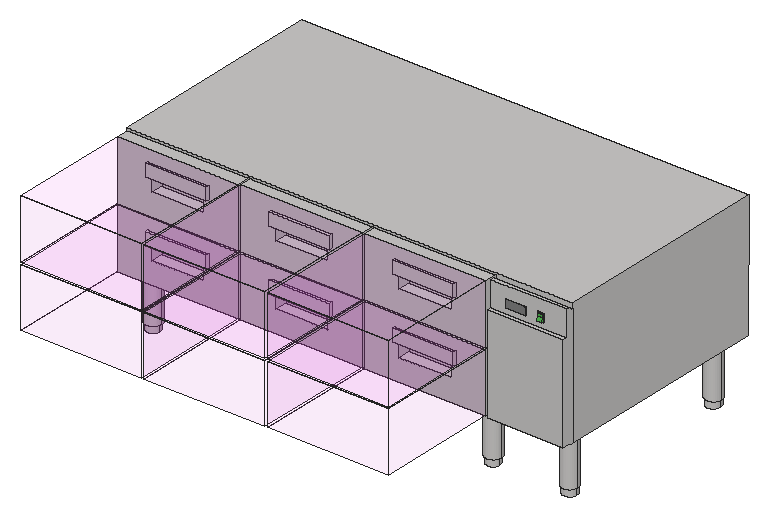
Revit family "QF_ZANUSSI_392600_Z9TTBECOMKN", category Specialty Equipment, Revit 2021
Family settings
  Round Connector Dimension = Use Diameter
  Part Type = Normal
  Work Plane-Based = No
  Always vertical = Yes
  Cut with Voids When Loaded = No
  Shared = No
  Room Calculation Point = No
Parameters
  Weight = 110.00 kg
  Watts = 0 W
  Volts = 220 V
  URL Manufacturer = "http://www.zanussiprofessional.com"
  URL = "http://www.zanussiprofessional.com"
  Steam Supply Size = 0 mm
  Steam Supply Minimum Pressure = 0.0 Pa
  Steam Supply Maximum Pressure = 0.0 Pa
  Steam Pounds per Hour = 0
  Refrigeration Suction Line Size = 0 mm
  Refrigeration Liquid Line Size = 0 mm
  Refrigerant Compressor Remote = yes
  Manufacturer = "Zanussi"
  Phase = 1
  Model = "Z9TTBECOMKN"
  Length Actual = 1600 mm
  Item Number = "392600"
  Hot Water Size = 0 mm
  Height Actual = 600 mm
  HP = "0.6 HP"
  Gas Size = 0 mm
  Gas KW = 0
  Gas Input Pressure = 0 W
  Direct Waste Size = 0 mm
  Description = "REFRIGERATED BASE WITH 6 DRAWERS 1600MM - R290"
  Depth Actual = 830 mm
  Default Elevation = 0 mm
  Cycle = 50 Hz
  Condensate Return Size = 0 mm
  Compressed Air Volume = 0.0 L/s
  Compressed Air Size = 0 mm
  Compressed Air Pressure = 0.0 Pa
  Cold Water Size = 0 mm
  Accessory = no
Reference planes
  plane 1 "Center X": y = 0
  plane 2: z = 0
  plane 3 "Centro (Sinistra/Destra)": x = 0
  plane 4: z = 200
  plane 5 "TOP": z = 650
  plane 6 "BACK": y = 450
  plane 7 "FRONT": y = -450
  plane 8 "LEFT": x = -800
  plane 9 "RIGHT": x = 800
  plane 10: y = -403
  plane 11: y = -448
  plane 12: x = -745
  plane 13: x = 745
  plane 14: x = 471
  plane 15: y = 292
  plane 16: y = -350
  plane 17: x = 286
  plane 18: x = -799
  plane 19: x = 799
  plane 20: y = 290
  plane 21: x = 760
  plane 22: y = 380
Forms (mm)
  Extrusion 1, solid, material "QF_Finishes_Stainless Steel"
    sketch origin (0, 0, 650) x (-1, 0, 0) y (0, -1, 0)
      loop
        line (799, -380) -> (799, 403) -> (-799, 403) -> (-799, -380) -> (799, -380)
    from -450 to 0
  Extrusion 2, solid, material "QF_Finishes_Stainless Steel"
    sketch origin (0, -30, 0) x (1, 0, 0) y (0, 1, 0)
      loop
        circle (760, 290) r 6
    from 189.987 to 200
  Extrusion 3, solid, material "QF_Finishes_Stainless Steel"
    sketch origin (799, -33.449, 0) x (0, 1, 0) y (0, 0, 1)
      loop
        line (-369.551, 629.527) -> (-386.314, 640.994) -> (-397.65, 640.994) -> (-397.65, 549.796) -> (-414.551, 549.796) -> (-414.551, 204.796) -> (-384.714, 204.796) -> (-374.993, 200) -> (-369.551, 200) -> (-369.551, 629.527)
    from 0 to -271
  Extrusion 4, solid, material "QF_Finishes_Black"
    sketch origin (783, -431.099, 630.994) x (0, 0, -1) y (1, 0, 0)
      loop
        line (32.198, -86.899) -> (61.199, -86.899) -> (61.199, -64.9) -> (32.198, -64.9) -> (32.198, -86.899)
    from 0 to 1.6
  Extrusion 5, solid, material "QF_Finishes_Grey"
    sketch origin (789, -431.099, 630.994) x (0, 0, -1) y (1, 0, 0)
      loop
        line (32.198, -206.099) -> (61.199, -206.099) -> (61.199, -136.099) -> (32.198, -136.099) -> (32.198, -206.099)
    from 0 to 1.6
  Extrusion 6, solid, material "QF_Finishes_Green"
    sketch origin (718.1, -431.099, 598.796) x (0, 0, -1) y (0, 1, 0)
      loop
        line (2.279, -3.281) -> (14.5, -3.281) -> (25.308, -8.985)
        arc (25.308, -8.985) -> (26.537, -5.394) -> (26.605, -1.6) r 12.221
        line (26.605, -1.6) -> (2.395, -1.6)
        arc (2.395, -1.6) -> (2.308, -2.439) -> (2.279, -3.281) r 12.221
    from -20 to -2
  Extrusion 7, solid, material "QF_Finishes_Stainless Steel"
    sketch origin (200, -442.999, 0) x (-1, 0, 0) y (0, 0, 1)
      loop
        line (995, 427.5) -> (995, 640.994) -> (560.999, 640.994) -> (560.999, 427.5) -> (995, 427.5)
      loop
        line (871.3, 506.706) -> (871.3, 585) -> (684.699, 585) -> (684.699, 506.706) -> (871.3, 506.706)
    from -5.001 to 39.999
  Extrusion 8, solid, material "QF_Door-Drawer Clearances"
    sketch origin (200, -448, 0) x (1, 0, 0) y (0, 0, 1)
      loop
        line (-995, 640.994) -> (-995, 427.5) -> (-560.999, 427.5) -> (-560.999, 640.994) -> (-995, 640.994)
    from 0 to 434
  Extrusion 9, solid, material "QF_Finishes_Stainless Steel"
    sketch origin (204, -448, 0) x (1, 0, 0) y (0, 0, 1)
      loop
        line (-890.3, 598.969) -> (-890.3, 553.969) -> (-673.699, 553.969) -> (-673.699, 598.969) -> (-890.3, 598.969)
    from 0 to 10
  Extrusion 10, solid, material "QF_Finishes_Stainless Steel"
    sketch origin (644.031, -442.999, 0) x (-1, 0, 0) y (0, 0, 1)
      loop
        line (997, 427.5) -> (997, 640.994) -> (563, 640.994) -> (563, 427.5) -> (997, 427.5)
      loop
        line (873.3, 506.706) -> (873.3, 585) -> (686.699, 585) -> (686.699, 506.706) -> (873.3, 506.706)
    from -5.001 to 39.999
  Extrusion 11, solid, material "QF_Door-Drawer Clearances"
    sketch origin (644.031, -448, 0) x (1, 0, 0) y (0, 0, 1)
      loop
        line (-997, 640.994) -> (-997, 427.5) -> (-563, 427.5) -> (-563, 640.994) -> (-997, 640.994)
    from 0 to 434
  Extrusion 12, solid, material "QF_Finishes_Stainless Steel"
    sketch origin (647.732, -448, 0) x (1, 0, 0) y (0, 0, 1)
      loop
        line (-892.001, 598.969) -> (-892.001, 553.969) -> (-675.4, 553.969) -> (-675.4, 598.969) -> (-892.001, 598.969)
    from 0 to 10
  Extrusion 13, solid, material "QF_Finishes_Stainless Steel"
    sketch origin (1076.461, -442.999, 0) x (-1, 0, 0) y (0, 0, 1)
      loop
        line (553.461, 427.5) -> (987.5, 427.5) -> (987.5, 640.994) -> (553.461, 640.994) -> (553.461, 427.5)
      loop
        line (863.8, 506.706) -> (863.8, 585) -> (677.199, 585) -> (677.199, 506.706) -> (863.8, 506.706)
    from -5.001 to 39.999
  Extrusion 14, solid, material "QF_Door-Drawer Clearances"
    sketch origin (1076.461, -448, 0) x (1, 0, 0) y (0, 0, 1)
      loop
        line (-553.461, 640.994) -> (-987.5, 640.994) -> (-987.5, 427.5) -> (-553.461, 427.5) -> (-553.461, 640.994)
    from 0 to 434
  Extrusion 15, solid, material "QF_Finishes_Stainless Steel"
    sketch origin (1076.461, -448, 0) x (1, 0, 0) y (0, 0, 1)
      loop
        line (-878.8, 598.969) -> (-878.8, 553.969) -> (-662.199, 553.969) -> (-662.199, 598.969) -> (-878.8, 598.969)
    from 0 to 10
  Extrusion 16, solid, material "QF_Finishes_Stainless Steel"
    sketch origin (200, -442.999, -218.494) x (-1, 0, 0) y (0, 0, 1)
      loop
        line (995, 427.5) -> (995, 640.994) -> (560.999, 640.994) -> (560.999, 427.5) -> (995, 427.5)
      loop
        line (871.3, 506.706) -> (871.3, 585) -> (684.699, 585) -> (684.699, 506.706) -> (871.3, 506.706)
    from -5.001 to 39.999
  Extrusion 17, solid, material "QF_Door-Drawer Clearances"
    sketch origin (200, -448, -218.494) x (1, 0, 0) y (0, 0, 1)
      loop
        line (-995, 640.994) -> (-995, 427.5) -> (-560.999, 427.5) -> (-560.999, 640.994) -> (-995, 640.994)
    from 0 to 434
  Extrusion 18, solid, material "QF_Finishes_Stainless Steel"
    sketch origin (204, -448, -218.494) x (1, 0, 0) y (0, 0, 1)
      loop
        line (-890.3, 598.969) -> (-890.3, 553.969) -> (-673.699, 553.969) -> (-673.699, 598.969) -> (-890.3, 598.969)
    from 0 to 10
  Extrusion 19, solid, material "QF_Finishes_Stainless Steel"
    sketch origin (644.031, -442.999, -218.494) x (-1, 0, 0) y (0, 0, 1)
      loop
        line (997, 427.5) -> (997, 640.994) -> (563, 640.994) -> (563, 427.5) -> (997, 427.5)
      loop
        line (873.3, 506.706) -> (873.3, 585) -> (686.699, 585) -> (686.699, 506.706) -> (873.3, 506.706)
    from -5.001 to 39.999
  Extrusion 20, solid, material "QF_Door-Drawer Clearances"
    sketch origin (644.031, -448, -218.494) x (1, 0, 0) y (0, 0, 1)
      loop
        line (-997, 640.994) -> (-997, 427.5) -> (-563, 427.5) -> (-563, 640.994) -> (-997, 640.994)
    from 0 to 434
  Extrusion 21, solid, material "QF_Finishes_Stainless Steel"
    sketch origin (647.732, -448, -218.494) x (1, 0, 0) y (0, 0, 1)
      loop
        line (-892.001, 598.969) -> (-892.001, 553.969) -> (-675.4, 553.969) -> (-675.4, 598.969) -> (-892.001, 598.969)
    from 0 to 10
  Extrusion 22, solid, material "QF_Finishes_Stainless Steel"
    sketch origin (1082.461, -442.999, -218.494) x (-1, 0, 0) y (0, 0, 1)
      loop
        line (559.461, 427.5) -> (993.5, 427.5) -> (993.5, 640.994) -> (559.461, 640.994) -> (559.461, 427.5)
      loop
        line (869.8, 506.706) -> (869.8, 585) -> (683.199, 585) -> (683.199, 506.706) -> (869.8, 506.706)
    from -5.001 to 39.999
  Extrusion 23, solid, material "QF_Door-Drawer Clearances"
    sketch origin (1082.461, -448, -218.494) x (1, 0, 0) y (0, 0, 1)
      loop
        line (-559.461, 640.994) -> (-993.5, 640.994) -> (-993.5, 427.5) -> (-559.461, 427.5) -> (-559.461, 640.994)
    from 0 to 434
  Extrusion 24, solid, material "QF_Finishes_Stainless Steel"
    sketch origin (1082.461, -448, -218.494) x (1, 0, 0) y (0, 0, 1)
      loop
        line (-884.8, 598.969) -> (-884.8, 553.969) -> (-668.199, 553.969) -> (-668.199, 598.969) -> (-884.8, 598.969)
    from 0 to 10
Lines and regions (mm)
  Split face 1
    outline origin (789, -432.699, 630.994) x (0, 0, -1) y (1, 0, 0)
      loop
        line (37.198, -196.099) -> (52.198, -196.099) -> (52.198, -146.099) -> (37.198, -146.099) -> (37.198, -196.099)
  Split face 2
    outline origin (789, -432.699, 630.994) x (0, 0, -1) y (1, 0, 0)
      loop
        circle (44.698, -143.099) r 1.2
  Split face 3
    outline origin (789, -432.699, 630.994) x (0, 0, -1) y (1, 0, 0)
      loop
        circle (39.698, -143.099) r 1.2
  Split face 4
    outline origin (789, -432.699, 630.994) x (0, 0, -1) y (1, 0, 0)
      loop
        circle (49.698, -143.099) r 1.2
  Split face 5
    outline origin (789, -432.699, 630.994) x (0, 0, -1) y (1, 0, 0)
      loop
        circle (39.698, -199.099) r 1.2
  Split face 6
    outline origin (789, -432.699, 630.994) x (0, 0, -1) y (1, 0, 0)
      loop
        circle (44.698, -199.099) r 1.2
  Split face 7
    outline origin (789, -432.699, 630.994) x (0, 0, -1) y (1, 0, 0)
      loop
        circle (49.698, -199.099) r 1.2
  Split face 8
    outline origin (789, -432.699, 630.994) x (0, 0, -1) y (1, 0, 0)
      loop
        line (59.151, -196.099) -> (59.151, -185.099) -> (54.151, -185.099) -> (54.151, -196.099) -> (59.151, -196.099)
  Split face 9
    outline origin (789, -432.699, 630.994) x (0, 0, -1) y (1, 0, 0)
      loop
        line (54.151, -183.099) -> (59.151, -183.099) -> (59.151, -172.099) -> (54.151, -172.099) -> (54.151, -183.099)
  Split face 10
    outline origin (802, -432.699, 630.994) x (0, 0, -1) y (1, 0, 0)
      loop
        line (54.151, -183.099) -> (59.151, -183.099) -> (59.151, -172.099) -> (54.151, -172.099) -> (54.151, -183.099)
  Split face 11
    outline origin (815, -432.699, 630.994) x (0, 0, -1) y (1, 0, 0)
      loop
        line (54.151, -183.099) -> (59.151, -183.099) -> (59.151, -172.099) -> (54.151, -172.099) -> (54.151, -183.099)
  Split face 12
    outline origin (799, -448, 412.291) x (0, 0, -1) y (1, 0, 0)
      loop
        arc (-85.025, -240.599) -> (-81.004, -236.61) -> (-85.004, -232.599) r 4
        line (-85.004, -232.599) -> (-117.004, -232.599)
        arc (-117.004, -232.599) -> (-121.004, -236.61) -> (-116.984, -240.599) r 4
        line (-116.984, -240.599) -> (-85.025, -240.599)
  Split face 13
    outline origin (811, -448, 412.291) x (0, 0, -1) y (1, 0, 0)
      loop
        arc (-85.025, -240.599) -> (-81.004, -236.61) -> (-85.004, -232.599) r 4
        line (-85.004, -232.599) -> (-117.004, -232.599)
        arc (-117.004, -232.599) -> (-121.004, -236.61) -> (-116.984, -240.599) r 4
        line (-116.984, -240.599) -> (-85.025, -240.599)
  Split face 14
    outline origin (823, -448, 412.291) x (0, 0, -1) y (1, 0, 0)
      loop
        arc (-85.025, -240.599) -> (-81.004, -236.61) -> (-85.004, -232.599) r 4
        line (-85.004, -232.599) -> (-117.004, -232.599)
        arc (-117.004, -232.599) -> (-121.004, -236.61) -> (-116.984, -240.599) r 4
        line (-116.984, -240.599) -> (-85.025, -240.599)
  Split face 15
    outline origin (834.897, -448, 412.291) x (0, 0, -1) y (1, 0, 0)
      loop
        arc (-85.025, -240.599) -> (-81.004, -236.61) -> (-85.004, -232.599) r 4
        line (-85.004, -232.599) -> (-117.004, -232.599)
        arc (-117.004, -232.599) -> (-121.004, -236.61) -> (-116.984, -240.599) r 4
        line (-116.984, -240.599) -> (-85.025, -240.599)
  Split face 16
    outline origin (846.896, -448, 412.291) x (0, 0, -1) y (1, 0, 0)
      loop
        arc (-85.025, -240.599) -> (-81.004, -236.61) -> (-85.004, -232.599) r 4
        line (-85.004, -232.599) -> (-117.004, -232.599)
        arc (-117.004, -232.599) -> (-121.004, -236.61) -> (-116.984, -240.599) r 4
        line (-116.984, -240.599) -> (-85.025, -240.599)
  Split face 17
    outline origin (858.896, -448, 412.291) x (0, 0, -1) y (1, 0, 0)
      loop
        arc (-85.025, -240.599) -> (-81.004, -236.61) -> (-85.004, -232.599) r 4
        line (-85.004, -232.599) -> (-117.004, -232.599)
        arc (-117.004, -232.599) -> (-121.004, -236.61) -> (-116.984, -240.599) r 4
        line (-116.984, -240.599) -> (-85.025, -240.599)
  Split face 18
    outline origin (870.896, -448, 412.291) x (0, 0, -1) y (1, 0, 0)
      loop
        arc (-85.025, -240.599) -> (-81.004, -236.61) -> (-85.004, -232.599) r 4
        line (-85.004, -232.599) -> (-117.004, -232.599)
        arc (-117.004, -232.599) -> (-121.004, -236.61) -> (-116.984, -240.599) r 4
        line (-116.984, -240.599) -> (-85.025, -240.599)
  Split face 19
    outline origin (882.897, -448, 412.291) x (0, 0, -1) y (1, 0, 0)
      loop
        arc (-85.025, -240.599) -> (-81.004, -236.61) -> (-85.004, -232.599) r 4
        line (-85.004, -232.599) -> (-117.004, -232.599)
        arc (-117.004, -232.599) -> (-121.004, -236.61) -> (-116.984, -240.599) r 4
        line (-116.984, -240.599) -> (-85.025, -240.599)
  Split face 20
    outline origin (894.896, -448, 412.291) x (0, 0, -1) y (1, 0, 0)
      loop
        arc (-85.025, -240.599) -> (-81.004, -236.61) -> (-85.004, -232.599) r 4
        line (-85.004, -232.599) -> (-117.004, -232.599)
        arc (-117.004, -232.599) -> (-121.004, -236.61) -> (-116.984, -240.599) r 4
        line (-116.984, -240.599) -> (-85.025, -240.599)
  Split face 21
    outline origin (906.896, -448, 412.291) x (0, 0, -1) y (1, 0, 0)
      loop
        arc (-85.025, -242.399) -> (-81.004, -238.41) -> (-85.004, -234.4) r 4
        line (-85.004, -234.4) -> (-117.004, -234.4)
        arc (-117.004, -234.4) -> (-121.004, -238.41) -> (-116.984, -242.399) r 4
        line (-116.984, -242.399) -> (-85.025, -242.399)
  Split face 22
    outline origin (918.896, -448, 412.291) x (0, 0, -1) y (1, 0, 0)
      loop
        arc (-85.025, -242.399) -> (-81.004, -238.41) -> (-85.004, -234.4) r 4
        line (-85.004, -234.4) -> (-117.004, -234.4)
        arc (-117.004, -234.4) -> (-121.004, -238.41) -> (-116.984, -242.399) r 4
        line (-116.984, -242.399) -> (-85.025, -242.399)
  Split face 23
    outline origin (930.896, -448, 412.291) x (0, 0, -1) y (1, 0, 0)
      loop
        arc (-85.025, -242.399) -> (-81.004, -238.41) -> (-85.004, -234.4) r 4
        line (-85.004, -234.4) -> (-117.004, -234.4)
        arc (-117.004, -234.4) -> (-121.004, -238.41) -> (-116.984, -242.399) r 4
        line (-116.984, -242.399) -> (-85.025, -242.399)
  Split face 24
    outline origin (942.896, -448, 412.291) x (0, 0, -1) y (1, 0, 0)
      loop
        arc (-85.025, -242.399) -> (-81.004, -238.41) -> (-85.004, -234.4) r 4
        line (-85.004, -234.4) -> (-117.004, -234.4)
        arc (-117.004, -234.4) -> (-121.004, -238.41) -> (-116.984, -242.399) r 4
        line (-116.984, -242.399) -> (-85.025, -242.399)
  Split face 25
    outline origin (954.896, -448, 412.291) x (0, 0, -1) y (1, 0, 0)
      loop
        arc (-85.025, -242.399) -> (-81.004, -238.41) -> (-85.004, -234.4) r 4
        line (-85.004, -234.4) -> (-117.004, -234.4)
        arc (-117.004, -234.4) -> (-121.004, -238.41) -> (-116.984, -242.399) r 4
        line (-116.984, -242.399) -> (-85.025, -242.399)
  Split face 26
    outline origin (966.896, -448, 412.291) x (0, 0, -1) y (1, 0, 0)
      loop
        arc (-85.025, -242.399) -> (-81.004, -238.41) -> (-85.004, -234.4) r 4
        line (-85.004, -234.4) -> (-117.004, -234.4)
        arc (-117.004, -234.4) -> (-121.004, -238.41) -> (-116.984, -242.399) r 4
        line (-116.984, -242.399) -> (-85.025, -242.399)
  Split face 27
    outline origin (978.896, -448, 412.291) x (0, 0, -1) y (1, 0, 0)
      loop
        arc (-85.025, -242.399) -> (-81.004, -238.41) -> (-85.004, -234.4) r 4
        line (-85.004, -234.4) -> (-117.004, -234.4)
        arc (-117.004, -234.4) -> (-121.004, -238.41) -> (-116.984, -242.399) r 4
        line (-116.984, -242.399) -> (-85.025, -242.399)
  Split face 28
    outline origin (990.896, -448, 412.291) x (0, 0, -1) y (1, 0, 0)
      loop
        arc (-85.025, -242.399) -> (-81.004, -238.41) -> (-85.004, -234.4) r 4
        line (-85.004, -234.4) -> (-117.004, -234.4)
        arc (-117.004, -234.4) -> (-121.004, -238.41) -> (-116.984, -242.399) r 4
        line (-116.984, -242.399) -> (-85.025, -242.399)
  Split face 29
    outline origin (1002.896, -448, 412.291) x (0, 0, -1) y (1, 0, 0)
      loop
        arc (-85.025, -242.399) -> (-81.004, -238.41) -> (-85.004, -234.4) r 4
        line (-85.004, -234.4) -> (-117.004, -234.4)
        arc (-117.004, -234.4) -> (-121.004, -238.41) -> (-116.984, -242.399) r 4
        line (-116.984, -242.399) -> (-85.025, -242.399)
  Split face 30
    outline origin (1014.896, -448, 412.291) x (0, 0, -1) y (1, 0, 0)
      loop
        arc (-85.025, -242.399) -> (-81.004, -238.41) -> (-85.004, -234.4) r 4
        line (-85.004, -234.4) -> (-117.004, -234.4)
        arc (-117.004, -234.4) -> (-121.004, -238.41) -> (-116.984, -242.399) r 4
        line (-116.984, -242.399) -> (-85.025, -242.399)
  Split face 31
    outline origin (787, -448, 412.291) x (0, 0, -1) y (1, 0, 0)
      loop
        arc (-85.025, -240.599) -> (-81.004, -236.61) -> (-85.004, -232.599) r 4
        line (-85.004, -232.599) -> (-117.004, -232.599)
        arc (-117.004, -232.599) -> (-121.004, -236.61) -> (-116.984, -240.599) r 4
        line (-116.984, -240.599) -> (-85.025, -240.599)
  Split face 32
    outline origin (799, -448, 367.29) x (0, 0, -1) y (1, 0, 0)
      loop
        arc (-85.025, -240.599) -> (-81.004, -236.61) -> (-85.004, -232.599) r 4
        line (-85.004, -232.599) -> (-117.004, -232.599)
        arc (-117.004, -232.599) -> (-121.004, -236.61) -> (-116.984, -240.599) r 4
        line (-116.984, -240.599) -> (-85.025, -240.599)
  Split face 33
    outline origin (811, -448, 367.29) x (0, 0, -1) y (1, 0, 0)
      loop
        arc (-85.025, -240.599) -> (-81.004, -236.61) -> (-85.004, -232.599) r 4
        line (-85.004, -232.599) -> (-117.004, -232.599)
        arc (-117.004, -232.599) -> (-121.004, -236.61) -> (-116.984, -240.599) r 4
        line (-116.984, -240.599) -> (-85.025, -240.599)
  Split face 34
    outline origin (823, -448, 367.29) x (0, 0, -1) y (1, 0, 0)
      loop
        arc (-85.025, -240.599) -> (-81.004, -236.61) -> (-85.004, -232.599) r 4
        line (-85.004, -232.599) -> (-117.004, -232.599)
        arc (-117.004, -232.599) -> (-121.004, -236.61) -> (-116.984, -240.599) r 4
        line (-116.984, -240.599) -> (-85.025, -240.599)
  Split face 35
    outline origin (834.897, -448, 367.29) x (0, 0, -1) y (1, 0, 0)
      loop
        arc (-85.025, -240.599) -> (-81.004, -236.61) -> (-85.004, -232.599) r 4
        line (-85.004, -232.599) -> (-117.004, -232.599)
        arc (-117.004, -232.599) -> (-121.004, -236.61) -> (-116.984, -240.599) r 4
        line (-116.984, -240.599) -> (-85.025, -240.599)
  Split face 36
    outline origin (846.896, -448, 367.29) x (0, 0, -1) y (1, 0, 0)
      loop
        arc (-85.025, -240.599) -> (-81.004, -236.61) -> (-85.004, -232.599) r 4
        line (-85.004, -232.599) -> (-117.004, -232.599)
        arc (-117.004, -232.599) -> (-121.004, -236.61) -> (-116.984, -240.599) r 4
        line (-116.984, -240.599) -> (-85.025, -240.599)
  Split face 37
    outline origin (858.896, -448, 367.29) x (0, 0, -1) y (1, 0, 0)
      loop
        arc (-85.025, -240.599) -> (-81.004, -236.61) -> (-85.004, -232.599) r 4
        line (-85.004, -232.599) -> (-117.004, -232.599)
        arc (-117.004, -232.599) -> (-121.004, -236.61) -> (-116.984, -240.599) r 4
        line (-116.984, -240.599) -> (-85.025, -240.599)
  Split face 38
    outline origin (870.896, -448, 367.29) x (0, 0, -1) y (1, 0, 0)
      loop
        arc (-85.025, -240.599) -> (-81.004, -236.61) -> (-85.004, -232.599) r 4
        line (-85.004, -232.599) -> (-117.004, -232.599)
        arc (-117.004, -232.599) -> (-121.004, -236.61) -> (-116.984, -240.599) r 4
        line (-116.984, -240.599) -> (-85.025, -240.599)
  Split face 39
    outline origin (882.897, -448, 367.29) x (0, 0, -1) y (1, 0, 0)
      loop
        arc (-85.025, -240.599) -> (-81.004, -236.61) -> (-85.004, -232.599) r 4
        line (-85.004, -232.599) -> (-117.004, -232.599)
        arc (-117.004, -232.599) -> (-121.004, -236.61) -> (-116.984, -240.599) r 4
        line (-116.984, -240.599) -> (-85.025, -240.599)
  Split face 40
    outline origin (894.896, -448, 367.29) x (0, 0, -1) y (1, 0, 0)
      loop
        arc (-85.025, -240.599) -> (-81.004, -236.61) -> (-85.004, -232.599) r 4
        line (-85.004, -232.599) -> (-117.004, -232.599)
        arc (-117.004, -232.599) -> (-121.004, -236.61) -> (-116.984, -240.599) r 4
        line (-116.984, -240.599) -> (-85.025, -240.599)
  Split face 41
    outline origin (906.896, -448, 367.29) x (0, 0, -1) y (1, 0, 0)
      loop
        arc (-85.025, -242.399) -> (-81.004, -238.41) -> (-85.004, -234.4) r 4
        line (-85.004, -234.4) -> (-117.004, -234.4)
        arc (-117.004, -234.4) -> (-121.004, -238.41) -> (-116.984, -242.399) r 4
        line (-116.984, -242.399) -> (-85.025, -242.399)
  Split face 42
    outline origin (918.896, -448, 367.29) x (0, 0, -1) y (1, 0, 0)
      loop
        arc (-85.025, -242.399) -> (-81.004, -238.41) -> (-85.004, -234.4) r 4
        line (-85.004, -234.4) -> (-117.004, -234.4)
        arc (-117.004, -234.4) -> (-121.004, -238.41) -> (-116.984, -242.399) r 4
        line (-116.984, -242.399) -> (-85.025, -242.399)
  Split face 43
    outline origin (930.896, -448, 367.29) x (0, 0, -1) y (1, 0, 0)
      loop
        arc (-85.025, -242.399) -> (-81.004, -238.41) -> (-85.004, -234.4) r 4
        line (-85.004, -234.4) -> (-117.004, -234.4)
        arc (-117.004, -234.4) -> (-121.004, -238.41) -> (-116.984, -242.399) r 4
        line (-116.984, -242.399) -> (-85.025, -242.399)
  Split face 44
    outline origin (942.896, -448, 367.29) x (0, 0, -1) y (1, 0, 0)
      loop
        arc (-85.025, -242.399) -> (-81.004, -238.41) -> (-85.004, -234.4) r 4
        line (-85.004, -234.4) -> (-117.004, -234.4)
        arc (-117.004, -234.4) -> (-121.004, -238.41) -> (-116.984, -242.399) r 4
        line (-116.984, -242.399) -> (-85.025, -242.399)
  Split face 45
    outline origin (954.896, -448, 367.29) x (0, 0, -1) y (1, 0, 0)
      loop
        arc (-85.025, -242.399) -> (-81.004, -238.41) -> (-85.004, -234.4) r 4
        line (-85.004, -234.4) -> (-117.004, -234.4)
        arc (-117.004, -234.4) -> (-121.004, -238.41) -> (-116.984, -242.399) r 4
        line (-116.984, -242.399) -> (-85.025, -242.399)
  Split face 46
    outline origin (966.896, -448, 367.29) x (0, 0, -1) y (1, 0, 0)
      loop
        arc (-85.025, -242.399) -> (-81.004, -238.41) -> (-85.004, -234.4) r 4
        line (-85.004, -234.4) -> (-117.004, -234.4)
        arc (-117.004, -234.4) -> (-121.004, -238.41) -> (-116.984, -242.399) r 4
        line (-116.984, -242.399) -> (-85.025, -242.399)
  Split face 47
    outline origin (978.896, -448, 367.29) x (0, 0, -1) y (1, 0, 0)
      loop
        arc (-85.025, -242.399) -> (-81.004, -238.41) -> (-85.004, -234.4) r 4
        line (-85.004, -234.4) -> (-117.004, -234.4)
        arc (-117.004, -234.4) -> (-121.004, -238.41) -> (-116.984, -242.399) r 4
        line (-116.984, -242.399) -> (-85.025, -242.399)
  Split face 48
    outline origin (990.896, -448, 367.29) x (0, 0, -1) y (1, 0, 0)
      loop
        arc (-85.025, -242.399) -> (-81.004, -238.41) -> (-85.004, -234.4) r 4
        line (-85.004, -234.4) -> (-117.004, -234.4)
        arc (-117.004, -234.4) -> (-121.004, -238.41) -> (-116.984, -242.399) r 4
        line (-116.984, -242.399) -> (-85.025, -242.399)
  Split face 49
    outline origin (1002.896, -448, 367.29) x (0, 0, -1) y (1, 0, 0)
      loop
        arc (-85.025, -242.399) -> (-81.004, -238.41) -> (-85.004, -234.4) r 4
        line (-85.004, -234.4) -> (-117.004, -234.4)
        arc (-117.004, -234.4) -> (-121.004, -238.41) -> (-116.984, -242.399) r 4
        line (-116.984, -242.399) -> (-85.025, -242.399)
  Split face 50
    outline origin (1014.896, -448, 367.29) x (0, 0, -1) y (1, 0, 0)
      loop
        arc (-85.025, -242.399) -> (-81.004, -238.41) -> (-85.004, -234.4) r 4
        line (-85.004, -234.4) -> (-117.004, -234.4)
        arc (-117.004, -234.4) -> (-121.004, -238.41) -> (-116.984, -242.399) r 4
        line (-116.984, -242.399) -> (-85.025, -242.399)
  Split face 51
    outline origin (787, -448, 367.29) x (0, 0, -1) y (1, 0, 0)
      loop
        arc (-85.025, -240.599) -> (-81.004, -236.61) -> (-85.004, -232.599) r 4
        line (-85.004, -232.599) -> (-117.004, -232.599)
        arc (-117.004, -232.599) -> (-121.004, -236.61) -> (-116.984, -240.599) r 4
        line (-116.984, -240.599) -> (-85.025, -240.599)
  Split face 52
    outline origin (799, -448, 322.29) x (0, 0, -1) y (1, 0, 0)
      loop
        arc (-85.025, -240.599) -> (-81.004, -236.61) -> (-85.004, -232.599) r 4
        line (-85.004, -232.599) -> (-117.004, -232.599)
        arc (-117.004, -232.599) -> (-121.004, -236.61) -> (-116.984, -240.599) r 4
        line (-116.984, -240.599) -> (-85.025, -240.599)
  Split face 53
    outline origin (811, -448, 322.29) x (0, 0, -1) y (1, 0, 0)
      loop
        arc (-85.025, -240.599) -> (-81.004, -236.61) -> (-85.004, -232.599) r 4
        line (-85.004, -232.599) -> (-117.004, -232.599)
        arc (-117.004, -232.599) -> (-121.004, -236.61) -> (-116.984, -240.599) r 4
        line (-116.984, -240.599) -> (-85.025, -240.599)
  Split face 54
    outline origin (823, -448, 322.29) x (0, 0, -1) y (1, 0, 0)
      loop
        arc (-85.025, -240.599) -> (-81.004, -236.61) -> (-85.004, -232.599) r 4
        line (-85.004, -232.599) -> (-117.004, -232.599)
        arc (-117.004, -232.599) -> (-121.004, -236.61) -> (-116.984, -240.599) r 4
        line (-116.984, -240.599) -> (-85.025, -240.599)
  Split face 55
    outline origin (834.897, -448, 322.29) x (0, 0, -1) y (1, 0, 0)
      loop
        arc (-85.025, -240.599) -> (-81.004, -236.61) -> (-85.004, -232.599) r 4
        line (-85.004, -232.599) -> (-117.004, -232.599)
        arc (-117.004, -232.599) -> (-121.004, -236.61) -> (-116.984, -240.599) r 4
        line (-116.984, -240.599) -> (-85.025, -240.599)
  Split face 56
    outline origin (846.896, -448, 322.29) x (0, 0, -1) y (1, 0, 0)
      loop
        arc (-85.025, -240.599) -> (-81.004, -236.61) -> (-85.004, -232.599) r 4
        line (-85.004, -232.599) -> (-117.004, -232.599)
        arc (-117.004, -232.599) -> (-121.004, -236.61) -> (-116.984, -240.599) r 4
        line (-116.984, -240.599) -> (-85.025, -240.599)
  Split face 57
    outline origin (858.896, -448, 322.29) x (0, 0, -1) y (1, 0, 0)
      loop
        arc (-85.025, -240.599) -> (-81.004, -236.61) -> (-85.004, -232.599) r 4
        line (-85.004, -232.599) -> (-117.004, -232.599)
        arc (-117.004, -232.599) -> (-121.004, -236.61) -> (-116.984, -240.599) r 4
        line (-116.984, -240.599) -> (-85.025, -240.599)
  Split face 58
    outline origin (870.896, -448, 322.29) x (0, 0, -1) y (1, 0, 0)
      loop
        arc (-85.025, -240.599) -> (-81.004, -236.61) -> (-85.004, -232.599) r 4
        line (-85.004, -232.599) -> (-117.004, -232.599)
        arc (-117.004, -232.599) -> (-121.004, -236.61) -> (-116.984, -240.599) r 4
        line (-116.984, -240.599) -> (-85.025, -240.599)
  Split face 59
    outline origin (882.897, -448, 322.29) x (0, 0, -1) y (1, 0, 0)
      loop
        arc (-85.025, -240.599) -> (-81.004, -236.61) -> (-85.004, -232.599) r 4
        line (-85.004, -232.599) -> (-117.004, -232.599)
        arc (-117.004, -232.599) -> (-121.004, -236.61) -> (-116.984, -240.599) r 4
        line (-116.984, -240.599) -> (-85.025, -240.599)
  Split face 60
    outline origin (894.896, -448, 322.29) x (0, 0, -1) y (1, 0, 0)
      loop
        arc (-85.025, -240.599) -> (-81.004, -236.61) -> (-85.004, -232.599) r 4
        line (-85.004, -232.599) -> (-117.004, -232.599)
        arc (-117.004, -232.599) -> (-121.004, -236.61) -> (-116.984, -240.599) r 4
        line (-116.984, -240.599) -> (-85.025, -240.599)
  Split face 61
    outline origin (906.896, -448, 322.29) x (0, 0, -1) y (1, 0, 0)
      loop
        arc (-85.025, -242.399) -> (-81.004, -238.41) -> (-85.004, -234.4) r 4
        line (-85.004, -234.4) -> (-117.004, -234.4)
        arc (-117.004, -234.4) -> (-121.004, -238.41) -> (-116.984, -242.399) r 4
        line (-116.984, -242.399) -> (-85.025, -242.399)
  Split face 62
    outline origin (918.896, -448, 322.29) x (0, 0, -1) y (1, 0, 0)
      loop
        arc (-85.025, -242.399) -> (-81.004, -238.41) -> (-85.004, -234.4) r 4
        line (-85.004, -234.4) -> (-117.004, -234.4)
        arc (-117.004, -234.4) -> (-121.004, -238.41) -> (-116.984, -242.399) r 4
        line (-116.984, -242.399) -> (-85.025, -242.399)
  Split face 63
    outline origin (930.896, -448, 322.29) x (0, 0, -1) y (1, 0, 0)
      loop
        arc (-85.025, -242.399) -> (-81.004, -238.41) -> (-85.004, -234.4) r 4
        line (-85.004, -234.4) -> (-117.004, -234.4)
        arc (-117.004, -234.4) -> (-121.004, -238.41) -> (-116.984, -242.399) r 4
        line (-116.984, -242.399) -> (-85.025, -242.399)
  Split face 64
    outline origin (942.896, -448, 322.29) x (0, 0, -1) y (1, 0, 0)
      loop
        arc (-85.025, -242.399) -> (-81.004, -238.41) -> (-85.004, -234.4) r 4
        line (-85.004, -234.4) -> (-117.004, -234.4)
        arc (-117.004, -234.4) -> (-121.004, -238.41) -> (-116.984, -242.399) r 4
        line (-116.984, -242.399) -> (-85.025, -242.399)
  Split face 65
    outline origin (954.896, -448, 322.29) x (0, 0, -1) y (1, 0, 0)
      loop
        arc (-85.025, -242.399) -> (-81.004, -238.41) -> (-85.004, -234.4) r 4
        line (-85.004, -234.4) -> (-117.004, -234.4)
        arc (-117.004, -234.4) -> (-121.004, -238.41) -> (-116.984, -242.399) r 4
        line (-116.984, -242.399) -> (-85.025, -242.399)
  Split face 66
    outline origin (966.896, -448, 322.29) x (0, 0, -1) y (1, 0, 0)
      loop
        arc (-85.025, -242.399) -> (-81.004, -238.41) -> (-85.004, -234.4) r 4
        line (-85.004, -234.4) -> (-117.004, -234.4)
        arc (-117.004, -234.4) -> (-121.004, -238.41) -> (-116.984, -242.399) r 4
        line (-116.984, -242.399) -> (-85.025, -242.399)
  Split face 67
    outline origin (978.896, -448, 322.29) x (0, 0, -1) y (1, 0, 0)
      loop
        arc (-85.025, -242.399) -> (-81.004, -238.41) -> (-85.004, -234.4) r 4
        line (-85.004, -234.4) -> (-117.004, -234.4)
        arc (-117.004, -234.4) -> (-121.004, -238.41) -> (-116.984, -242.399) r 4
        line (-116.984, -242.399) -> (-85.025, -242.399)
  Split face 68
    outline origin (990.896, -448, 322.29) x (0, 0, -1) y (1, 0, 0)
      loop
        arc (-85.025, -242.399) -> (-81.004, -238.41) -> (-85.004, -234.4) r 4
        line (-85.004, -234.4) -> (-117.004, -234.4)
        arc (-117.004, -234.4) -> (-121.004, -238.41) -> (-116.984, -242.399) r 4
        line (-116.984, -242.399) -> (-85.025, -242.399)
  Split face 69
    outline origin (1002.896, -448, 322.29) x (0, 0, -1) y (1, 0, 0)
      loop
        arc (-85.025, -242.399) -> (-81.004, -238.41) -> (-85.004, -234.4) r 4
        line (-85.004, -234.4) -> (-117.004, -234.4)
        arc (-117.004, -234.4) -> (-121.004, -238.41) -> (-116.984, -242.399) r 4
        line (-116.984, -242.399) -> (-85.025, -242.399)
  Split face 70
    outline origin (1014.896, -448, 322.29) x (0, 0, -1) y (1, 0, 0)
      loop
        arc (-85.025, -242.399) -> (-81.004, -238.41) -> (-85.004, -234.4) r 4
        line (-85.004, -234.4) -> (-117.004, -234.4)
        arc (-117.004, -234.4) -> (-121.004, -238.41) -> (-116.984, -242.399) r 4
        line (-116.984, -242.399) -> (-85.025, -242.399)
  Split face 71
    outline origin (787, -448, 322.29) x (0, 0, -1) y (1, 0, 0)
      loop
        arc (-85.025, -240.599) -> (-81.004, -236.61) -> (-85.004, -232.599) r 4
        line (-85.004, -232.599) -> (-117.004, -232.599)
        arc (-117.004, -232.599) -> (-121.004, -236.61) -> (-116.984, -240.599) r 4
        line (-116.984, -240.599) -> (-85.025, -240.599)
  Split face 72
    outline origin (799, -448, 277.29) x (0, 0, -1) y (1, 0, 0)
      loop
        arc (-85.025, -240.599) -> (-81.004, -236.61) -> (-85.004, -232.599) r 4
        line (-85.004, -232.599) -> (-117.004, -232.599)
        arc (-117.004, -232.599) -> (-121.004, -236.61) -> (-116.984, -240.599) r 4
        line (-116.984, -240.599) -> (-85.025, -240.599)
  Split face 73
    outline origin (811, -448, 277.29) x (0, 0, -1) y (1, 0, 0)
      loop
        arc (-85.025, -240.599) -> (-81.004, -236.61) -> (-85.004, -232.599) r 4
        line (-85.004, -232.599) -> (-117.004, -232.599)
        arc (-117.004, -232.599) -> (-121.004, -236.61) -> (-116.984, -240.599) r 4
        line (-116.984, -240.599) -> (-85.025, -240.599)
  Split face 74
    outline origin (823, -448, 277.29) x (0, 0, -1) y (1, 0, 0)
      loop
        arc (-85.025, -240.599) -> (-81.004, -236.61) -> (-85.004, -232.599) r 4
        line (-85.004, -232.599) -> (-117.004, -232.599)
        arc (-117.004, -232.599) -> (-121.004, -236.61) -> (-116.984, -240.599) r 4
        line (-116.984, -240.599) -> (-85.025, -240.599)
  Split face 75
    outline origin (834.897, -448, 277.29) x (0, 0, -1) y (1, 0, 0)
      loop
        arc (-85.025, -240.599) -> (-81.004, -236.61) -> (-85.004, -232.599) r 4
        line (-85.004, -232.599) -> (-117.004, -232.599)
        arc (-117.004, -232.599) -> (-121.004, -236.61) -> (-116.984, -240.599) r 4
        line (-116.984, -240.599) -> (-85.025, -240.599)
  Split face 76
    outline origin (846.896, -448, 277.29) x (0, 0, -1) y (1, 0, 0)
      loop
        arc (-85.025, -240.599) -> (-81.004, -236.61) -> (-85.004, -232.599) r 4
        line (-85.004, -232.599) -> (-117.004, -232.599)
        arc (-117.004, -232.599) -> (-121.004, -236.61) -> (-116.984, -240.599) r 4
        line (-116.984, -240.599) -> (-85.025, -240.599)
  Split face 77
    outline origin (858.896, -448, 277.29) x (0, 0, -1) y (1, 0, 0)
      loop
        arc (-85.025, -240.599) -> (-81.004, -236.61) -> (-85.004, -232.599) r 4
        line (-85.004, -232.599) -> (-117.004, -232.599)
        arc (-117.004, -232.599) -> (-121.004, -236.61) -> (-116.984, -240.599) r 4
        line (-116.984, -240.599) -> (-85.025, -240.599)
  Split face 78
    outline origin (870.896, -448, 277.29) x (0, 0, -1) y (1, 0, 0)
      loop
        arc (-85.025, -240.599) -> (-81.004, -236.61) -> (-85.004, -232.599) r 4
        line (-85.004, -232.599) -> (-117.004, -232.599)
        arc (-117.004, -232.599) -> (-121.004, -236.61) -> (-116.984, -240.599) r 4
        line (-116.984, -240.599) -> (-85.025, -240.599)
  Split face 79
    outline origin (882.897, -448, 277.29) x (0, 0, -1) y (1, 0, 0)
      loop
        arc (-85.025, -240.599) -> (-81.004, -236.61) -> (-85.004, -232.599) r 4
        line (-85.004, -232.599) -> (-117.004, -232.599)
        arc (-117.004, -232.599) -> (-121.004, -236.61) -> (-116.984, -240.599) r 4
        line (-116.984, -240.599) -> (-85.025, -240.599)
  Split face 80
    outline origin (894.896, -448, 277.29) x (0, 0, -1) y (1, 0, 0)
      loop
        arc (-85.025, -240.599) -> (-81.004, -236.61) -> (-85.004, -232.599) r 4
        line (-85.004, -232.599) -> (-117.004, -232.599)
        arc (-117.004, -232.599) -> (-121.004, -236.61) -> (-116.984, -240.599) r 4
        line (-116.984, -240.599) -> (-85.025, -240.599)
  Split face 81
    outline origin (906.896, -448, 277.29) x (0, 0, -1) y (1, 0, 0)
      loop
        arc (-85.025, -242.399) -> (-81.004, -238.41) -> (-85.004, -234.4) r 4
        line (-85.004, -234.4) -> (-117.004, -234.4)
        arc (-117.004, -234.4) -> (-121.004, -238.41) -> (-116.984, -242.399) r 4
        line (-116.984, -242.399) -> (-85.025, -242.399)
  Split face 82
    outline origin (918.896, -448, 277.29) x (0, 0, -1) y (1, 0, 0)
      loop
        arc (-85.025, -242.399) -> (-81.004, -238.41) -> (-85.004, -234.4) r 4
        line (-85.004, -234.4) -> (-117.004, -234.4)
        arc (-117.004, -234.4) -> (-121.004, -238.41) -> (-116.984, -242.399) r 4
        line (-116.984, -242.399) -> (-85.025, -242.399)
  Split face 83
    outline origin (930.896, -448, 277.29) x (0, 0, -1) y (1, 0, 0)
      loop
        arc (-85.025, -242.399) -> (-81.004, -238.41) -> (-85.004, -234.4) r 4
        line (-85.004, -234.4) -> (-117.004, -234.4)
        arc (-117.004, -234.4) -> (-121.004, -238.41) -> (-116.984, -242.399) r 4
        line (-116.984, -242.399) -> (-85.025, -242.399)
  Split face 84
    outline origin (942.896, -448, 277.29) x (0, 0, -1) y (1, 0, 0)
      loop
        arc (-85.025, -242.399) -> (-81.004, -238.41) -> (-85.004, -234.4) r 4
        line (-85.004, -234.4) -> (-117.004, -234.4)
        arc (-117.004, -234.4) -> (-121.004, -238.41) -> (-116.984, -242.399) r 4
        line (-116.984, -242.399) -> (-85.025, -242.399)
  Split face 85
    outline origin (954.896, -448, 277.29) x (0, 0, -1) y (1, 0, 0)
      loop
        arc (-85.025, -242.399) -> (-81.004, -238.41) -> (-85.004, -234.4) r 4
        line (-85.004, -234.4) -> (-117.004, -234.4)
        arc (-117.004, -234.4) -> (-121.004, -238.41) -> (-116.984, -242.399) r 4
        line (-116.984, -242.399) -> (-85.025, -242.399)
  Split face 86
    outline origin (966.896, -448, 277.29) x (0, 0, -1) y (1, 0, 0)
      loop
        arc (-85.025, -242.399) -> (-81.004, -238.41) -> (-85.004, -234.4) r 4
        line (-85.004, -234.4) -> (-117.004, -234.4)
        arc (-117.004, -234.4) -> (-121.004, -238.41) -> (-116.984, -242.399) r 4
        line (-116.984, -242.399) -> (-85.025, -242.399)
  Split face 87
    outline origin (978.896, -448, 277.29) x (0, 0, -1) y (1, 0, 0)
      loop
        arc (-85.025, -242.399) -> (-81.004, -238.41) -> (-85.004, -234.4) r 4
        line (-85.004, -234.4) -> (-117.004, -234.4)
        arc (-117.004, -234.4) -> (-121.004, -238.41) -> (-116.984, -242.399) r 4
        line (-116.984, -242.399) -> (-85.025, -242.399)
  Split face 88
    outline origin (990.896, -448, 277.29) x (0, 0, -1) y (1, 0, 0)
      loop
        arc (-85.025, -242.399) -> (-81.004, -238.41) -> (-85.004, -234.4) r 4
        line (-85.004, -234.4) -> (-117.004, -234.4)
        arc (-117.004, -234.4) -> (-121.004, -238.41) -> (-116.984, -242.399) r 4
        line (-116.984, -242.399) -> (-85.025, -242.399)
  Split face 89
    outline origin (1002.896, -448, 277.29) x (0, 0, -1) y (1, 0, 0)
      loop
        arc (-85.025, -242.399) -> (-81.004, -238.41) -> (-85.004, -234.4) r 4
        line (-85.004, -234.4) -> (-117.004, -234.4)
        arc (-117.004, -234.4) -> (-121.004, -238.41) -> (-116.984, -242.399) r 4
        line (-116.984, -242.399) -> (-85.025, -242.399)
  Split face 90
    outline origin (1014.896, -448, 277.29) x (0, 0, -1) y (1, 0, 0)
      loop
        arc (-85.025, -242.399) -> (-81.004, -238.41) -> (-85.004, -234.4) r 4
        line (-85.004, -234.4) -> (-117.004, -234.4)
        arc (-117.004, -234.4) -> (-121.004, -238.41) -> (-116.984, -242.399) r 4
        line (-116.984, -242.399) -> (-85.025, -242.399)
  Split face 91
    outline origin (787, -448, 277.29) x (0, 0, -1) y (1, 0, 0)
      loop
        arc (-85.025, -240.599) -> (-81.004, -236.61) -> (-85.004, -232.599) r 4
        line (-85.004, -232.599) -> (-117.004, -232.599)
        arc (-117.004, -232.599) -> (-121.004, -236.61) -> (-116.984, -240.599) r 4
        line (-116.984, -240.599) -> (-85.025, -240.599)
  Split face 92
    outline origin (799, -448, 232.29) x (0, 0, -1) y (1, 0, 0)
      loop
        arc (-85.025, -240.599) -> (-81.004, -236.61) -> (-85.004, -232.599) r 4
        line (-85.004, -232.599) -> (-117.004, -232.599)
        arc (-117.004, -232.599) -> (-121.004, -236.61) -> (-116.984, -240.599) r 4
        line (-116.984, -240.599) -> (-85.025, -240.599)
  Split face 93
    outline origin (811, -448, 232.29) x (0, 0, -1) y (1, 0, 0)
      loop
        arc (-85.025, -240.599) -> (-81.004, -236.61) -> (-85.004, -232.599) r 4
        line (-85.004, -232.599) -> (-117.004, -232.599)
        arc (-117.004, -232.599) -> (-121.004, -236.61) -> (-116.984, -240.599) r 4
        line (-116.984, -240.599) -> (-85.025, -240.599)
  Split face 94
    outline origin (823, -448, 232.29) x (0, 0, -1) y (1, 0, 0)
      loop
        arc (-85.025, -240.599) -> (-81.004, -236.61) -> (-85.004, -232.599) r 4
        line (-85.004, -232.599) -> (-117.004, -232.599)
        arc (-117.004, -232.599) -> (-121.004, -236.61) -> (-116.984, -240.599) r 4
        line (-116.984, -240.599) -> (-85.025, -240.599)
  Split face 95
    outline origin (834.897, -448, 232.29) x (0, 0, -1) y (1, 0, 0)
      loop
        arc (-85.025, -240.599) -> (-81.004, -236.61) -> (-85.004, -232.599) r 4
        line (-85.004, -232.599) -> (-117.004, -232.599)
        arc (-117.004, -232.599) -> (-121.004, -236.61) -> (-116.984, -240.599) r 4
        line (-116.984, -240.599) -> (-85.025, -240.599)
  Split face 96
    outline origin (846.896, -448, 232.29) x (0, 0, -1) y (1, 0, 0)
      loop
        arc (-85.025, -240.599) -> (-81.004, -236.61) -> (-85.004, -232.599) r 4
        line (-85.004, -232.599) -> (-117.004, -232.599)
        arc (-117.004, -232.599) -> (-121.004, -236.61) -> (-116.984, -240.599) r 4
        line (-116.984, -240.599) -> (-85.025, -240.599)
  Split face 97
    outline origin (858.896, -448, 232.29) x (0, 0, -1) y (1, 0, 0)
      loop
        arc (-85.025, -240.599) -> (-81.004, -236.61) -> (-85.004, -232.599) r 4
        line (-85.004, -232.599) -> (-117.004, -232.599)
        arc (-117.004, -232.599) -> (-121.004, -236.61) -> (-116.984, -240.599) r 4
        line (-116.984, -240.599) -> (-85.025, -240.599)
  Split face 98
    outline origin (870.896, -448, 232.29) x (0, 0, -1) y (1, 0, 0)
      loop
        arc (-85.025, -240.599) -> (-81.004, -236.61) -> (-85.004, -232.599) r 4
        line (-85.004, -232.599) -> (-117.004, -232.599)
        arc (-117.004, -232.599) -> (-121.004, -236.61) -> (-116.984, -240.599) r 4
        line (-116.984, -240.599) -> (-85.025, -240.599)
  Split face 99
    outline origin (882.897, -448, 232.29) x (0, 0, -1) y (1, 0, 0)
      loop
        arc (-85.025, -240.599) -> (-81.004, -236.61) -> (-85.004, -232.599) r 4
        line (-85.004, -232.599) -> (-117.004, -232.599)
        arc (-117.004, -232.599) -> (-121.004, -236.61) -> (-116.984, -240.599) r 4
        line (-116.984, -240.599) -> (-85.025, -240.599)
  Split face 100
    outline origin (894.896, -448, 232.29) x (0, 0, -1) y (1, 0, 0)
      loop
        arc (-85.025, -240.599) -> (-81.004, -236.61) -> (-85.004, -232.599) r 4
        line (-85.004, -232.599) -> (-117.004, -232.599)
        arc (-117.004, -232.599) -> (-121.004, -236.61) -> (-116.984, -240.599) r 4
        line (-116.984, -240.599) -> (-85.025, -240.599)
  Split face 101
    outline origin (906.896, -448, 232.29) x (0, 0, -1) y (1, 0, 0)
      loop
        arc (-85.025, -242.399) -> (-81.004, -238.41) -> (-85.004, -234.4) r 4
        line (-85.004, -234.4) -> (-117.004, -234.4)
        arc (-117.004, -234.4) -> (-121.004, -238.41) -> (-116.984, -242.399) r 4
        line (-116.984, -242.399) -> (-85.025, -242.399)
  Split face 102
    outline origin (918.896, -448, 232.29) x (0, 0, -1) y (1, 0, 0)
      loop
        arc (-85.025, -242.399) -> (-81.004, -238.41) -> (-85.004, -234.4) r 4
        line (-85.004, -234.4) -> (-117.004, -234.4)
        arc (-117.004, -234.4) -> (-121.004, -238.41) -> (-116.984, -242.399) r 4
        line (-116.984, -242.399) -> (-85.025, -242.399)
  Split face 103
    outline origin (930.896, -448, 232.29) x (0, 0, -1) y (1, 0, 0)
      loop
        arc (-85.025, -242.399) -> (-81.004, -238.41) -> (-85.004, -234.4) r 4
        line (-85.004, -234.4) -> (-117.004, -234.4)
        arc (-117.004, -234.4) -> (-121.004, -238.41) -> (-116.984, -242.399) r 4
        line (-116.984, -242.399) -> (-85.025, -242.399)
  Split face 104
    outline origin (942.896, -448, 232.29) x (0, 0, -1) y (1, 0, 0)
      loop
        arc (-85.025, -242.399) -> (-81.004, -238.41) -> (-85.004, -234.4) r 4
        line (-85.004, -234.4) -> (-117.004, -234.4)
        arc (-117.004, -234.4) -> (-121.004, -238.41) -> (-116.984, -242.399) r 4
        line (-116.984, -242.399) -> (-85.025, -242.399)
  Split face 105
    outline origin (954.896, -448, 232.29) x (0, 0, -1) y (1, 0, 0)
      loop
        arc (-85.025, -242.399) -> (-81.004, -238.41) -> (-85.004, -234.4) r 4
        line (-85.004, -234.4) -> (-117.004, -234.4)
        arc (-117.004, -234.4) -> (-121.004, -238.41) -> (-116.984, -242.399) r 4
        line (-116.984, -242.399) -> (-85.025, -242.399)
  Split face 106
    outline origin (966.896, -448, 232.29) x (0, 0, -1) y (1, 0, 0)
      loop
        arc (-85.025, -242.399) -> (-81.004, -238.41) -> (-85.004, -234.4) r 4
        line (-85.004, -234.4) -> (-117.004, -234.4)
        arc (-117.004, -234.4) -> (-121.004, -238.41) -> (-116.984, -242.399) r 4
        line (-116.984, -242.399) -> (-85.025, -242.399)
  Split face 107
    outline origin (978.896, -448, 232.29) x (0, 0, -1) y (1, 0, 0)
      loop
        arc (-85.025, -242.399) -> (-81.004, -238.41) -> (-85.004, -234.4) r 4
        line (-85.004, -234.4) -> (-117.004, -234.4)
        arc (-117.004, -234.4) -> (-121.004, -238.41) -> (-116.984, -242.399) r 4
        line (-116.984, -242.399) -> (-85.025, -242.399)
  Split face 108
    outline origin (990.896, -448, 232.29) x (0, 0, -1) y (1, 0, 0)
      loop
        arc (-85.025, -242.399) -> (-81.004, -238.41) -> (-85.004, -234.4) r 4
        line (-85.004, -234.4) -> (-117.004, -234.4)
        arc (-117.004, -234.4) -> (-121.004, -238.41) -> (-116.984, -242.399) r 4
        line (-116.984, -242.399) -> (-85.025, -242.399)
  Split face 109
    outline origin (1002.896, -448, 232.29) x (0, 0, -1) y (1, 0, 0)
      loop
        arc (-85.025, -242.399) -> (-81.004, -238.41) -> (-85.004, -234.4) r 4
        line (-85.004, -234.4) -> (-117.004, -234.4)
        arc (-117.004, -234.4) -> (-121.004, -238.41) -> (-116.984, -242.399) r 4
        line (-116.984, -242.399) -> (-85.025, -242.399)
  Split face 110
    outline origin (1014.896, -448, 232.29) x (0, 0, -1) y (1, 0, 0)
      loop
        arc (-85.025, -242.399) -> (-81.004, -238.41) -> (-85.004, -234.4) r 4
        line (-85.004, -234.4) -> (-117.004, -234.4)
        arc (-117.004, -234.4) -> (-121.004, -238.41) -> (-116.984, -242.399) r 4
        line (-116.984, -242.399) -> (-85.025, -242.399)
  Split face 111
    outline origin (787, -448, 232.29) x (0, 0, -1) y (1, 0, 0)
      loop
        arc (-85.025, -240.599) -> (-81.004, -236.61) -> (-85.004, -232.599) r 4
        line (-85.004, -232.599) -> (-117.004, -232.599)
        arc (-117.004, -232.599) -> (-121.004, -236.61) -> (-116.984, -240.599) r 4
        line (-116.984, -240.599) -> (-85.025, -240.599)
  Split face 112
    outline origin (799, -448, 187.29) x (0, 0, -1) y (1, 0, 0)
      loop
        arc (-85.025, -240.599) -> (-81.004, -236.61) -> (-85.004, -232.599) r 4
        line (-85.004, -232.599) -> (-117.004, -232.599)
        arc (-117.004, -232.599) -> (-121.004, -236.61) -> (-116.984, -240.599) r 4
        line (-116.984, -240.599) -> (-85.025, -240.599)
  Split face 113
    outline origin (811, -448, 187.29) x (0, 0, -1) y (1, 0, 0)
      loop
        arc (-85.025, -240.599) -> (-81.004, -236.61) -> (-85.004, -232.599) r 4
        line (-85.004, -232.599) -> (-117.004, -232.599)
        arc (-117.004, -232.599) -> (-121.004, -236.61) -> (-116.984, -240.599) r 4
        line (-116.984, -240.599) -> (-85.025, -240.599)
  Split face 114
    outline origin (823, -448, 187.29) x (0, 0, -1) y (1, 0, 0)
      loop
        arc (-85.025, -240.599) -> (-81.004, -236.61) -> (-85.004, -232.599) r 4
        line (-85.004, -232.599) -> (-117.004, -232.599)
        arc (-117.004, -232.599) -> (-121.004, -236.61) -> (-116.984, -240.599) r 4
        line (-116.984, -240.599) -> (-85.025, -240.599)
  Split face 115
    outline origin (834.897, -448, 187.29) x (0, 0, -1) y (1, 0, 0)
      loop
        arc (-85.025, -240.599) -> (-81.004, -236.61) -> (-85.004, -232.599) r 4
        line (-85.004, -232.599) -> (-117.004, -232.599)
        arc (-117.004, -232.599) -> (-121.004, -236.61) -> (-116.984, -240.599) r 4
        line (-116.984, -240.599) -> (-85.025, -240.599)
  Split face 116
    outline origin (846.896, -448, 187.29) x (0, 0, -1) y (1, 0, 0)
      loop
        arc (-85.025, -240.599) -> (-81.004, -236.61) -> (-85.004, -232.599) r 4
        line (-85.004, -232.599) -> (-117.004, -232.599)
        arc (-117.004, -232.599) -> (-121.004, -236.61) -> (-116.984, -240.599) r 4
        line (-116.984, -240.599) -> (-85.025, -240.599)
  Split face 117
    outline origin (858.896, -448, 187.29) x (0, 0, -1) y (1, 0, 0)
      loop
        arc (-85.025, -240.599) -> (-81.004, -236.61) -> (-85.004, -232.599) r 4
        line (-85.004, -232.599) -> (-117.004, -232.599)
        arc (-117.004, -232.599) -> (-121.004, -236.61) -> (-116.984, -240.599) r 4
        line (-116.984, -240.599) -> (-85.025, -240.599)
  Split face 118
    outline origin (870.896, -448, 187.29) x (0, 0, -1) y (1, 0, 0)
      loop
        arc (-85.025, -240.599) -> (-81.004, -236.61) -> (-85.004, -232.599) r 4
        line (-85.004, -232.599) -> (-117.004, -232.599)
        arc (-117.004, -232.599) -> (-121.004, -236.61) -> (-116.984, -240.599) r 4
        line (-116.984, -240.599) -> (-85.025, -240.599)
  Split face 119
    outline origin (882.897, -448, 187.29) x (0, 0, -1) y (1, 0, 0)
      loop
        arc (-85.025, -240.599) -> (-81.004, -236.61) -> (-85.004, -232.599) r 4
        line (-85.004, -232.599) -> (-117.004, -232.599)
        arc (-117.004, -232.599) -> (-121.004, -236.61) -> (-116.984, -240.599) r 4
        line (-116.984, -240.599) -> (-85.025, -240.599)
  Split face 120
    outline origin (894.896, -448, 187.29) x (0, 0, -1) y (1, 0, 0)
      loop
        arc (-85.025, -240.599) -> (-81.004, -236.61) -> (-85.004, -232.599) r 4
        line (-85.004, -232.599) -> (-117.004, -232.599)
        arc (-117.004, -232.599) -> (-121.004, -236.61) -> (-116.984, -240.599) r 4
        line (-116.984, -240.599) -> (-85.025, -240.599)
  Split face 121
    outline origin (906.896, -448, 187.29) x (0, 0, -1) y (1, 0, 0)
      loop
        arc (-85.025, -242.399) -> (-81.004, -238.41) -> (-85.004, -234.4) r 4
        line (-85.004, -234.4) -> (-117.004, -234.4)
        arc (-117.004, -234.4) -> (-121.004, -238.41) -> (-116.984, -242.399) r 4
        line (-116.984, -242.399) -> (-85.025, -242.399)
  Split face 122
    outline origin (918.896, -448, 187.29) x (0, 0, -1) y (1, 0, 0)
      loop
        arc (-85.025, -242.399) -> (-81.004, -238.41) -> (-85.004, -234.4) r 4
        line (-85.004, -234.4) -> (-117.004, -234.4)
        arc (-117.004, -234.4) -> (-121.004, -238.41) -> (-116.984, -242.399) r 4
        line (-116.984, -242.399) -> (-85.025, -242.399)
  Split face 123
    outline origin (930.896, -448, 187.29) x (0, 0, -1) y (1, 0, 0)
      loop
        arc (-85.025, -242.399) -> (-81.004, -238.41) -> (-85.004, -234.4) r 4
        line (-85.004, -234.4) -> (-117.004, -234.4)
        arc (-117.004, -234.4) -> (-121.004, -238.41) -> (-116.984, -242.399) r 4
        line (-116.984, -242.399) -> (-85.025, -242.399)
  Split face 124
    outline origin (942.896, -448, 187.29) x (0, 0, -1) y (1, 0, 0)
      loop
        arc (-85.025, -242.399) -> (-81.004, -238.41) -> (-85.004, -234.4) r 4
        line (-85.004, -234.4) -> (-117.004, -234.4)
        arc (-117.004, -234.4) -> (-121.004, -238.41) -> (-116.984, -242.399) r 4
        line (-116.984, -242.399) -> (-85.025, -242.399)
  Split face 125
    outline origin (954.896, -448, 187.29) x (0, 0, -1) y (1, 0, 0)
      loop
        arc (-85.025, -242.399) -> (-81.004, -238.41) -> (-85.004, -234.4) r 4
        line (-85.004, -234.4) -> (-117.004, -234.4)
        arc (-117.004, -234.4) -> (-121.004, -238.41) -> (-116.984, -242.399) r 4
        line (-116.984, -242.399) -> (-85.025, -242.399)
  Split face 126
    outline origin (966.896, -448, 187.29) x (0, 0, -1) y (1, 0, 0)
      loop
        arc (-85.025, -242.399) -> (-81.004, -238.41) -> (-85.004, -234.4) r 4
        line (-85.004, -234.4) -> (-117.004, -234.4)
        arc (-117.004, -234.4) -> (-121.004, -238.41) -> (-116.984, -242.399) r 4
        line (-116.984, -242.399) -> (-85.025, -242.399)
  Split face 127
    outline origin (978.896, -448, 187.29) x (0, 0, -1) y (1, 0, 0)
      loop
        arc (-85.025, -242.399) -> (-81.004, -238.41) -> (-85.004, -234.4) r 4
        line (-85.004, -234.4) -> (-117.004, -234.4)
        arc (-117.004, -234.4) -> (-121.004, -238.41) -> (-116.984, -242.399) r 4
        line (-116.984, -242.399) -> (-85.025, -242.399)
  Split face 128
    outline origin (990.896, -448, 187.29) x (0, 0, -1) y (1, 0, 0)
      loop
        arc (-85.025, -242.399) -> (-81.004, -238.41) -> (-85.004, -234.4) r 4
        line (-85.004, -234.4) -> (-117.004, -234.4)
        arc (-117.004, -234.4) -> (-121.004, -238.41) -> (-116.984, -242.399) r 4
        line (-116.984, -242.399) -> (-85.025, -242.399)
  Split face 129
    outline origin (1002.896, -448, 187.29) x (0, 0, -1) y (1, 0, 0)
      loop
        arc (-85.025, -242.399) -> (-81.004, -238.41) -> (-85.004, -234.4) r 4
        line (-85.004, -234.4) -> (-117.004, -234.4)
        arc (-117.004, -234.4) -> (-121.004, -238.41) -> (-116.984, -242.399) r 4
        line (-116.984, -242.399) -> (-85.025, -242.399)
  Split face 130
    outline origin (1014.896, -448, 187.29) x (0, 0, -1) y (1, 0, 0)
      loop
        arc (-85.025, -242.399) -> (-81.004, -238.41) -> (-85.004, -234.4) r 4
        line (-85.004, -234.4) -> (-117.004, -234.4)
        arc (-117.004, -234.4) -> (-121.004, -238.41) -> (-116.984, -242.399) r 4
        line (-116.984, -242.399) -> (-85.025, -242.399)
  Split face 131
    outline origin (787, -448, 187.29) x (0, 0, -1) y (1, 0, 0)
      loop
        arc (-85.025, -240.599) -> (-81.004, -236.61) -> (-85.004, -232.599) r 4
        line (-85.004, -232.599) -> (-117.004, -232.599)
        arc (-117.004, -232.599) -> (-121.004, -236.61) -> (-116.984, -240.599) r 4
        line (-116.984, -240.599) -> (-85.025, -240.599)
  Split face 132
    outline origin (799, -448, 142.29) x (0, 0, -1) y (1, 0, 0)
      loop
        arc (-85.025, -240.599) -> (-81.004, -236.61) -> (-85.004, -232.599) r 4
        line (-85.004, -232.599) -> (-117.004, -232.599)
        arc (-117.004, -232.599) -> (-121.004, -236.61) -> (-116.984, -240.599) r 4
        line (-116.984, -240.599) -> (-85.025, -240.599)
  Split face 133
    outline origin (811, -448, 142.29) x (0, 0, -1) y (1, 0, 0)
      loop
        arc (-85.025, -240.599) -> (-81.004, -236.61) -> (-85.004, -232.599) r 4
        line (-85.004, -232.599) -> (-117.004, -232.599)
        arc (-117.004, -232.599) -> (-121.004, -236.61) -> (-116.984, -240.599) r 4
        line (-116.984, -240.599) -> (-85.025, -240.599)
  Split face 134
    outline origin (823, -448, 142.29) x (0, 0, -1) y (1, 0, 0)
      loop
        arc (-85.025, -240.599) -> (-81.004, -236.61) -> (-85.004, -232.599) r 4
        line (-85.004, -232.599) -> (-117.004, -232.599)
        arc (-117.004, -232.599) -> (-121.004, -236.61) -> (-116.984, -240.599) r 4
        line (-116.984, -240.599) -> (-85.025, -240.599)
  Split face 135
    outline origin (834.897, -448, 142.29) x (0, 0, -1) y (1, 0, 0)
      loop
        arc (-85.025, -240.599) -> (-81.004, -236.61) -> (-85.004, -232.599) r 4
        line (-85.004, -232.599) -> (-117.004, -232.599)
        arc (-117.004, -232.599) -> (-121.004, -236.61) -> (-116.984, -240.599) r 4
        line (-116.984, -240.599) -> (-85.025, -240.599)
  Split face 136
    outline origin (846.896, -448, 142.29) x (0, 0, -1) y (1, 0, 0)
      loop
        arc (-85.025, -240.599) -> (-81.004, -236.61) -> (-85.004, -232.599) r 4
        line (-85.004, -232.599) -> (-117.004, -232.599)
        arc (-117.004, -232.599) -> (-121.004, -236.61) -> (-116.984, -240.599) r 4
        line (-116.984, -240.599) -> (-85.025, -240.599)
  Split face 137
    outline origin (858.896, -448, 142.29) x (0, 0, -1) y (1, 0, 0)
      loop
        arc (-85.025, -240.599) -> (-81.004, -236.61) -> (-85.004, -232.599) r 4
        line (-85.004, -232.599) -> (-117.004, -232.599)
        arc (-117.004, -232.599) -> (-121.004, -236.61) -> (-116.984, -240.599) r 4
        line (-116.984, -240.599) -> (-85.025, -240.599)
  Split face 138
    outline origin (870.896, -448, 142.29) x (0, 0, -1) y (1, 0, 0)
      loop
        arc (-85.025, -240.599) -> (-81.004, -236.61) -> (-85.004, -232.599) r 4
        line (-85.004, -232.599) -> (-117.004, -232.599)
        arc (-117.004, -232.599) -> (-121.004, -236.61) -> (-116.984, -240.599) r 4
        line (-116.984, -240.599) -> (-85.025, -240.599)
